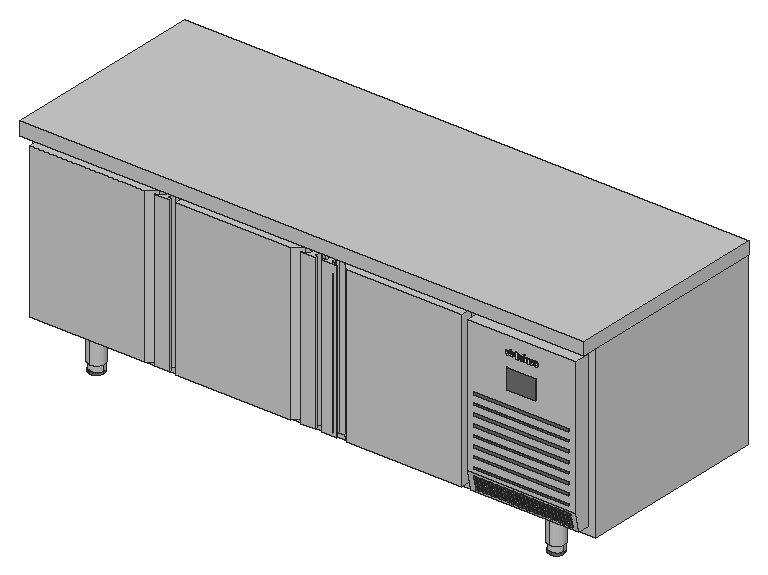
Revit family "QF_INFRICO_MR2190_250813022642", category Specialty Equipment, Revit 2021
Family settings
  Round Connector Dimension = Use Diameter
  Part Type = Normal
  OmniClass Number = 23.40.40.14
  OmniClass Title = Food Service Equipment
  Work Plane-Based = No
  Always vertical = Yes
  Cut with Voids When Loaded = No
  Shared = No
  Room Calculation Point = No
Parameters (values of type "MR2190-R290")
  Weight [instance] = 199.00 kg
  Waste Water Discharge Temperature [instance] = 0 °C
  Waste Remarks [instance] = ""
  Warranty Start Date [instance] = ""
  Warranty Duration [instance] = ""
  Volts [instance] = 230 V
  Volt Free Conn [instance] = no
  URL Recommended Spares List [instance] = ""
  URL Manufacturer [instance] = ""
  URL Cutsheet [instance] = ""
  URL Critical Spares List [instance] = ""
  URL = "www.infrico.com"
  Technical Documentation [instance] = ""
  Tag Number [instance] = ""
  Status [instance] = ""
  Start Up Current [instance] = 0 A
  Specification by User [instance] = ""
  Specification by Manufacturer [instance] = ""
  Sound Level [instance] = ""
  Show Logo [instance] = yes
  Show Clearances [instance] = yes
  Service Life Duration [instance] = ""
  Serial Number [instance] = ""
  Seismic Rating [instance] = ""
  SMACNA No [instance] = ""
  Revision Code [instance] = ""
  Revision [instance] = ""
  Production Year [instance] = ""
  Potential Equalisation [instance] = no
  Point Load [instance] = 0
  Plumbing Connection Type [instance] = ""
  Phase [instance] = 1
  Other Equipment Approvals [instance] = ""
  Operational Current [instance] = 0 A
  Number of Poles [instance] = 2
  No Load Power Draw [instance] = no
  NAFEM Spec ID Number [instance] = ""
  Model Warning [instance] = ""
  Model = "MR2190"
  Min Ckt Ampacity [instance] = 0 A
  Max Overcurrent Protection [instance] = 0 A
  Masterspec [instance] = ""
  Manufacturer = "INFRICO"
  Main switch integrated [instance] = no
  Length Actual [instance] = 2184.908 mm
  Item Number [instance] = ""
  Installed By [instance] = ""
  Installation Date [instance] = ""
  Indirect Waste Size [instance] = 19.05 mm
  Indirect Waste Remarks [instance] = ""
  Indirect Waste Flow [instance] = 0.0 L/s
  Indirect Waste Connection Type [instance] = ""
  Indirect Waste Connection Height [instance] = 0 mm
  Identify Quantity as Lot [instance] = no
  ID [instance] = ""
  Hygiene Approval [instance] = ""
  Height Actual [instance] = 849.884 mm
  HP power [instance] = ""
  Furnished By [instance] = ""
  Foodservice Equipment Identifier [instance] = no
  FL Amps [instance] = 0 A
  Electrical Remarks [instance] = ""
  Electric power [instance] = 370 W
  Electric Connection Type [instance] = ""
  Elec Conn RI Height [instance] = 0 mm
  Elec Conn Connection Height [instance] = 0 mm
  ETL Approved [instance] = no
  Direct Waste Water Discharge Temperature [instance] = -273.15 °C
  Direct Waste Size [instance] = 19.05 mm
  Direct Waste RI Height [instance] = 0 mm
  Direct Waste Flow [instance] = 0.0 L/s
  Direct Waste Connection Height [instance] = 0 mm
  Description = "EURONORM 600X400 PASTRY COUNTER REFRIGERATOR AND FREEZER 800 SERIES - R290"
  Depth Actual [instance] = 800.1 mm
  Default Elevation = 0 mm
  Cycle [instance] = 50 Hz
  Cost = 0
  Connection to energy optimisation system [instance] = yes
  Conn Plug [instance] = ""
  Conn Conduit [instance] = no
  Centralized building control system with digital interface [instance] = ""
  CSI MasterFormat [instance] = ""
  CE Approved [instance] = no
  Barcode [instance] = 0
  Author [instance] = ""
  Asset Identifier [instance] = ""
  Apparent Power [instance] = 370 VA
  Accessory [instance] = no
Reference planes
  plane 1 "Center (Front/Back)": y = 0
  plane 2: z = 0
  plane 3 "Center (Left/Right)": x = 0
Forms (mm)
  Extrusion 1, solid, not visible
    sketch origin (898.044, -113.006, 142.007) x (1, 0, 0) y (0, 1, 0)
      loop
        line (-2, 2) -> (-2, -2) -> (2, -2) -> (2, 2) -> (-2, 2)
    from -2 to 2
  Extrusion 2, solid, not visible
    sketch origin (2123.104, -60.003, 142.007) x (1, 0, 0) y (0, 1, 0)
      loop
        line (-2, 2) -> (-2, -2) -> (2, -2) -> (2, 2) -> (-2, 2)
    from -2 to 2
Dimensions and locks
  locked: nested 2 to Extrusion 1 at 2  (x2)
  locked: nested 3 to Extrusion 2 at 2  (x2)
  aligned and locked: level to plane 2
Nested families
  nested 1: "QF_INFRICO_MR2190_2920" at (0, 0, 140), type "MR2190-R290"
    with Weight 199.00 kg, Warranty Start Date "", Warranty Duration "", URL Cutsheet "", Technical Documentation "", Tag Number "", Status "", Specification by User "", Specification by Manufacturer "", Sound Level "", Solid Fuel Type "", Show Logo yes, Show Clearances yes, Show Clearance yes, Service Life Duration "", Serial Number "", Seismic Rating "", SMACNA No "", Revision Code "", Revision "", Production Year "", Point Load 0, Other Equipment Approvals "", NAFEM Spec ID Number "", Model Warning "", Masterspec "", Length Actual 2184.908 mm, Item Number "", Installed By "", Installation Date "", Identify Quantity as Lot yes, ID "", Hygiene Approval "", Height Actual 849.884 mm, Furnished By "", Foodservice Equipment Identifier yes, ETL Approved yes, Depth Actual 800.1 mm, CSI MasterFormat "", CE Approved no, Barcode "", Author "", Asset Identifier "", Accessory no
  nested 2: "CONN_POINT_DRAIN_2D___Generic_Annotation" at (898.044, -113.006, 140.007), type "CONN_POINT_DRAIN_2D___Generic_Annotation"
    with Onboard connection annotation symbol visibility yes
  nested 3: "CONN_POINT_ELE_2D___Generic_Annotation" at (2123.104, -60.003, 140.007), type "CONN_POINT_ELE_2D___Generic_Annotation"
    with Onboard connection annotation symbol visibility yes
  nested 4: "QF_INFRICO_MR_DOOR_SX_4847" at (22, -738, 168), type "MR_DOOR_SX"
    with Weight 0.00 kg, Warranty Start Date "", Warranty Duration "", URL Cutsheet "", Technical Documentation "", Tag Number "", Status "", Specification by User "", Specification by Manufacturer "", Sound Level "", Solid Fuel Type "", Show Logo yes, Show Clearances yes, Show Clearance yes, Service Life Duration "", Serial Number "", Seismic Rating "", SMACNA No "", Revision Code "", Revision "", Production Year "", Point Load 0, Other Equipment Approvals "", NAFEM Spec ID Number "", Model Warning "", Masterspec "", Length Actual 542.036 mm, Item Number "", Installed By "", Installation Date "", Identify Quantity as Lot yes, ID "", Hygiene Approval "", Height Actual 596.9 mm, Furnished By "", Foodservice Equipment Identifier yes, ETL Approved yes, Depth Actual 54.102 mm, CSI MasterFormat "", CE Approved no, Barcode "", Author "", Asset Identifier "", Accessory yes
  nested 5: "QF_INFRICO_MR_DOOR_SX_5628" at (589, -738, 168), type "MR_DOOR_SX"
    with Weight 0.00 kg, Warranty Start Date "", Warranty Duration "", URL Cutsheet "", Technical Documentation "", Tag Number "", Status "", Specification by User "", Specification by Manufacturer "", Sound Level "", Solid Fuel Type "", Show Logo yes, Show Clearances yes, Show Clearance yes, Service Life Duration "", Serial Number "", Seismic Rating "", SMACNA No "", Revision Code "", Revision "", Production Year "", Point Load 0, Other Equipment Approvals "", NAFEM Spec ID Number "", Model Warning "", Masterspec "", Length Actual 542.036 mm, Item Number "", Installed By "", Installation Date "", Identify Quantity as Lot yes, ID "", Hygiene Approval "", Height Actual 596.9 mm, Furnished By "", Foodservice Equipment Identifier yes, ETL Approved yes, Depth Actual 54.102 mm, CSI MasterFormat "", CE Approved no, Barcode "", Author "", Asset Identifier "", Accessory yes
  nested 6: "QF_INFRICO_MR_DOOR_DX_6405" at (1156, -738, 168), type "MR_DOOR_DX"
    with Weight 0.00 kg, Warranty Start Date "", Warranty Duration "", URL Cutsheet "", Technical Documentation "", Tag Number "", Status "", Specification by User "", Specification by Manufacturer "", Sound Level "", Solid Fuel Type "", Show Logo yes, Show Clearances yes, Show Clearance yes, Service Life Duration "", Serial Number "", Seismic Rating "", SMACNA No "", Revision Code "", Revision "", Production Year "", Point Load 0, Other Equipment Approvals "", NAFEM Spec ID Number "", Model Warning "", Masterspec "", Length Actual 542.036 mm, Item Number "", Installed By "", Installation Date "", Identify Quantity as Lot yes, ID "", Hygiene Approval "", Height Actual 596.9 mm, Furnished By "", Foodservice Equipment Identifier yes, ETL Approved yes, Depth Actual 54.102 mm, CSI MasterFormat "", CE Approved no, Barcode "", Author "", Asset Identifier "", Accessory yes
  nested 7: "QF_INFRICO_WORKTOP_7182" at (0, 0, 800), type "ENC12SPMR21"
    with Weight 0.00 kg, Warranty Start Date "", Warranty Duration "", URL Cutsheet "", Technical Documentation "", Tag Number "", Status "", Specification by User "", Specification by Manufacturer "", Sound Level "", Solid Fuel Type "", Show Logo yes, Show Clearances yes, Show Clearance yes, Service Life Duration "", Serial Number "", Seismic Rating "", SMACNA No "", Revision Code "", Revision "", Production Year "", Point Load 0, Other Equipment Approvals "", NAFEM Spec ID Number "", Model Warning "", Masterspec "", Length Actual 2184.908 mm, Item Number "", Installed By "", Installation Date "", Identify Quantity as Lot yes, ID "", Hygiene Approval "", Height Actual 50.038 mm, Furnished By "", Foodservice Equipment Identifier yes, ETL Approved yes, Depth Actual 800.1 mm, CSI MasterFormat "", CE Approved no, Barcode "", Author "", Asset Identifier "", Accessory yes
  nested 8: "QF_INFRICO_LEGS_8026" at (0, 0, 0), type "LEGS_2190_800"
    with Weight 0.00 kg, Warranty Start Date "", Warranty Duration "", URL Cutsheet "", Technical Documentation "", Tag Number "", Status "", Specification by User "", Specification by Manufacturer "", Sound Level "", Solid Fuel Type "", Show Logo yes, Show Clearances yes, Show Clearance yes, Service Life Duration "", Serial Number "", Seismic Rating "", SMACNA No "", Revision Code "", Revision "", Production Year "", Point Load 0, Other Equipment Approvals "", NAFEM Spec ID Number "", Model Warning "", Masterspec "", Length Actual 2184.908 mm, Item Number "", Installed By "", Installation Date "", Identify Quantity as Lot yes, ID "", Hygiene Approval "", Height Actual 139.954 mm, Furnished By "", Foodservice Equipment Identifier yes, ETL Approved yes, Depth Actual 800.1 mm, CSI MasterFormat "", CE Approved no, Barcode "", Author "", Asset Identifier "", Accessory yes
Connectors
  piping at (898.044, -113.006, 140.007), diameter 19.05, driven by "Indirect Waste Size", driven by "Direct Waste Flow"
    settings: on Extrusion 1, index 1, connector inside diameter 609.6 mm, connector length 0 mm, flow factor 0, pipe flow 0.0 L/s, pressure drop 0.0 Pa, fitting loss kfactor 0, connector angle 0.00°, fixture units 0, engagement length 0 mm, angle of deflection 0.00°, flow configuration 1, flow direction 2, fitting loss method 0, system type 16, joint type 0, gender type 0, connector reference index -1, connector utility 0, adjustable connector no, is connector primary yes, connector description "Waste connection for MR2190"
  electrical at (2123.104, -60.003, 140.007), driven by "Apparent Power", driven by "Number of Poles", driven by "Volts"
    settings: on Extrusion 2, index 2, voltage 230 V, apparent load 0 VA, apparent load phase1 370 VA, apparent load phase2 0 VA, apparent load phase3 0 VA, power factor 1, load classification "Other", number of poles 2, system type 31, power factor state 1, is connector primary yes, connector utility no, sub classification motor no, connector description "Electrical connection for MR2190"
Definition of nested family "QF_INFRICO_MR2190_2920"
  Parameters (values of type "MR2190BT")
    Weight [instance] = 0.00 kg
    Warranty Start Date [instance] = ""
    Warranty Duration [instance] = ""
    URL Cutsheet [instance] = ""
    URL = "www.infrico.com"
    Technical Documentation [instance] = ""
    Tag Number [instance] = ""
    Status [instance] = ""
    Specification by User [instance] = ""
    Specification by Manufacturer [instance] = ""
    Sound Level [instance] = ""
    Solid Fuel Type [instance] = ""
    Show Logo [instance] = yes
    Show Clearances [instance] = yes
    Show Clearance [instance] = yes
    Service Life Duration [instance] = ""
    Serial Number [instance] = ""
    Seismic Rating [instance] = ""
    SMACNA No [instance] = ""
    Revision Code [instance] = ""
    Revision [instance] = ""
    Production Year [instance] = ""
    Point Load [instance] = 0
    Other Equipment Approvals [instance] = ""
    NAFEM Spec ID Number [instance] = ""
    Model Warning [instance] = ""
    Model = "MR2190BT"
    Masterspec [instance] = ""
    Manufacturer = "INFRICO"
    Length Actual [instance] = 0 mm
    Item Number [instance] = ""
    Installed By [instance] = ""
    Installation Date [instance] = ""
    Identify Quantity as Lot [instance] = yes
    ID [instance] = ""
    Hygiene Approval [instance] = ""
    Height Actual [instance] = 0 mm
    Furnished By [instance] = ""
    Foodservice Equipment Identifier [instance] = yes
    ETL Approved [instance] = yes
    Description = "EURONORM 600X400 PASTRY COUNTER REFRIGERATOR AND FREEZER 800 SERIES - R134A"
    Depth Actual [instance] = 0 mm
    Default Elevation = 0 mm
    CSI MasterFormat [instance] = ""
    CE Approved [instance] = yes
    Barcode [instance] = ""
    Author [instance] = ""
    Asset Identifier [instance] = ""
    Assembly Code = "E1090320"
    Accessory [instance] = yes
  Types (4, lengths in mm): name | Model | Description
    MR2190 | "MR2190" | "EURONORM 600X400 PASTRY COUNTER REFRIGERATOR AND FREEZER 800 SERIES - R134A"
    MR2190BT | "MR2190BT" | "EURONORM 600X400 PASTRY COUNTER REFRIGERATOR AND FREEZER 800 SERIES - R134A"
    MR2190CR | "MR2190CR" | "GLASS DOOR EURONORM 600X400 PASTRY COUNTER REFRIGERATOR SERIES - R134A"
    MR2190-R290 | "MR2190" | "EURONORM 600X400 PASTRY COUNTER REFRIGERATOR AND FREEZER 800 SERIES - R290"
  Reference planes
    plane 1 "Back": y = 0
    plane 2: z = 0
    plane 3 "Left": x = 0
    plane 4 "Right": x = 2185
    plane 5 "Front": y = -800
    plane 6 "Top": z = 660
  Forms (mm)
    Extrusion 1, solid
      sketch origin (717, -100, -140) x (0, 1, 0) y (0, 0, 1)
        loop
          line (-638.02, 765.292) -> (-695.03, 765.292) -> (-695.03, 238.436) -> (-678.769, 168) -> (-638.02, 168) -> (-638.02, 765.292)
      from 1013.993 to 1433.993
    Extrusion 2, solid
      sketch origin (-1283, -793.13, -140) x (1, 0, 0) y (0, 0, 1)
        loop
          line (3408.016, 523.949) -> (3040.73, 523.949) -> (3040.73, 514.949) -> (3408.016, 514.949) -> (3408.016, 523.949)
        loop
          line (3408.016, 486.949) -> (3040.73, 486.949) -> (3040.73, 477.949) -> (3408.016, 477.949) -> (3408.016, 486.949)
        loop
          line (3408.016, 449.949) -> (3040.73, 449.949) -> (3040.73, 440.949) -> (3408.016, 440.949) -> (3408.016, 449.949)
        loop
          line (3408.016, 412.949) -> (3040.73, 412.949) -> (3040.73, 403.949) -> (3408.016, 403.949) -> (3408.016, 412.949)
        loop
          line (3408.016, 375.949) -> (3040.73, 375.949) -> (3040.73, 366.949) -> (3408.016, 366.949) -> (3408.016, 375.949)
        loop
          line (3408.016, 338.949) -> (3040.73, 338.949) -> (3040.73, 329.949) -> (3408.016, 329.949) -> (3408.016, 338.949)
        loop
          line (3408.016, 301.949) -> (3040.73, 301.949) -> (3040.73, 292.949) -> (3408.016, 292.949) -> (3408.016, 301.949)
        loop
          line (3408.016, 264.949) -> (3040.73, 264.949) -> (3040.73, 255.949) -> (3408.016, 255.949) -> (3408.016, 264.949)
      from 0 to 2
    Extrusion 3, solid
      sketch origin (-1283, -739.263, -134.673) x (1, 0, 0) y (0, -0.224951, 0.97437)
        loop
          line (3036.73, 215.974) -> (3036.73, 205.974) -> (3046.73, 205.974) -> (3046.73, 215.974) -> (3036.73, 215.974)
        loop
          line (3036.73, 230.769) -> (3036.73, 220.769) -> (3046.73, 220.769) -> (3046.73, 230.769) -> (3036.73, 230.769)
        loop
          line (3036.73, 186.385) -> (3036.73, 176.385) -> (3046.73, 176.385) -> (3046.73, 186.385) -> (3036.73, 186.385)
        loop
          line (3036.73, 201.179) -> (3036.73, 191.179) -> (3046.73, 191.179) -> (3046.73, 201.179) -> (3036.73, 201.179)
        loop
          line (3051.938, 215.974) -> (3051.938, 205.974) -> (3061.938, 205.974) -> (3061.938, 215.974) -> (3051.938, 215.974)
        loop
          line (3051.938, 230.769) -> (3051.938, 220.769) -> (3061.938, 220.769) -> (3061.938, 230.769) -> (3051.938, 230.769)
        loop
          line (3051.938, 186.385) -> (3051.938, 176.385) -> (3061.938, 176.385) -> (3061.938, 186.385) -> (3051.938, 186.385)
        loop
          line (3051.938, 201.179) -> (3051.938, 191.179) -> (3061.938, 191.179) -> (3061.938, 201.179) -> (3051.938, 201.179)
        loop
          line (3067.147, 215.974) -> (3067.147, 205.974) -> (3077.147, 205.974) -> (3077.147, 215.974) -> (3067.147, 215.974)
        loop
          line (3067.147, 230.769) -> (3067.147, 220.769) -> (3077.147, 220.769) -> (3077.147, 230.769) -> (3067.147, 230.769)
        loop
          line (3067.147, 186.385) -> (3067.147, 176.385) -> (3077.147, 176.385) -> (3077.147, 186.385) -> (3067.147, 186.385)
        loop
          line (3067.147, 201.179) -> (3067.147, 191.179) -> (3077.147, 191.179) -> (3077.147, 201.179) -> (3067.147, 201.179)
        loop
          line (3082.355, 215.974) -> (3082.355, 205.974) -> (3092.355, 205.974) -> (3092.355, 215.974) -> (3082.355, 215.974)
        loop
          line (3082.355, 230.769) -> (3082.355, 220.769) -> (3092.355, 220.769) -> (3092.355, 230.769) -> (3082.355, 230.769)
        loop
          line (3082.355, 186.385) -> (3082.355, 176.385) -> (3092.355, 176.385) -> (3092.355, 186.385) -> (3082.355, 186.385)
        loop
          line (3082.355, 201.179) -> (3082.355, 191.179) -> (3092.355, 191.179) -> (3092.355, 201.179) -> (3082.355, 201.179)
        loop
          line (3097.563, 215.974) -> (3097.563, 205.974) -> (3107.563, 205.974) -> (3107.563, 215.974) -> (3097.563, 215.974)
        loop
          line (3097.563, 230.769) -> (3097.563, 220.769) -> (3107.563, 220.769) -> (3107.563, 230.769) -> (3097.563, 230.769)
        loop
          line (3097.563, 186.385) -> (3097.563, 176.385) -> (3107.563, 176.385) -> (3107.563, 186.385) -> (3097.563, 186.385)
        loop
          line (3097.563, 201.179) -> (3097.563, 191.179) -> (3107.563, 191.179) -> (3107.563, 201.179) -> (3097.563, 201.179)
        loop
          line (3112.772, 215.974) -> (3112.772, 205.974) -> (3122.772, 205.974) -> (3122.772, 215.974) -> (3112.772, 215.974)
        loop
          line (3112.772, 230.769) -> (3112.772, 220.769) -> (3122.772, 220.769) -> (3122.772, 230.769) -> (3112.772, 230.769)
        loop
          line (3112.772, 186.385) -> (3112.772, 176.385) -> (3122.772, 176.385) -> (3122.772, 186.385) -> (3112.772, 186.385)
        loop
          line (3112.772, 201.179) -> (3112.772, 191.179) -> (3122.772, 191.179) -> (3122.772, 201.179) -> (3112.772, 201.179)
        loop
          line (3127.98, 215.974) -> (3127.98, 205.974) -> (3137.98, 205.974) -> (3137.98, 215.974) -> (3127.98, 215.974)
        loop
          line (3127.98, 230.769) -> (3127.98, 220.769) -> (3137.98, 220.769) -> (3137.98, 230.769) -> (3127.98, 230.769)
        loop
          line (3127.98, 186.385) -> (3127.98, 176.385) -> (3137.98, 176.385) -> (3137.98, 186.385) -> (3127.98, 186.385)
        loop
          line (3127.98, 201.179) -> (3127.98, 191.179) -> (3137.98, 191.179) -> (3137.98, 201.179) -> (3127.98, 201.179)
        loop
          line (3143.188, 215.974) -> (3143.188, 205.974) -> (3153.188, 205.974) -> (3153.188, 215.974) -> (3143.188, 215.974)
        loop
          line (3143.188, 230.769) -> (3143.188, 220.769) -> (3153.188, 220.769) -> (3153.188, 230.769) -> (3143.188, 230.769)
        loop
          line (3143.188, 186.385) -> (3143.188, 176.385) -> (3153.188, 176.385) -> (3153.188, 186.385) -> (3143.188, 186.385)
        loop
          line (3143.188, 201.179) -> (3143.188, 191.179) -> (3153.188, 191.179) -> (3153.188, 201.179) -> (3143.188, 201.179)
        loop
          line (3158.397, 215.974) -> (3158.397, 205.974) -> (3168.397, 205.974) -> (3168.397, 215.974) -> (3158.397, 215.974)
        loop
          line (3158.397, 230.769) -> (3158.397, 220.769) -> (3168.397, 220.769) -> (3168.397, 230.769) -> (3158.397, 230.769)
        loop
          line (3158.397, 186.385) -> (3158.397, 176.385) -> (3168.397, 176.385) -> (3168.397, 186.385) -> (3158.397, 186.385)
        loop
          line (3158.397, 201.179) -> (3158.397, 191.179) -> (3168.397, 191.179) -> (3168.397, 201.179) -> (3158.397, 201.179)
        loop
          line (3173.605, 215.974) -> (3173.605, 205.974) -> (3183.605, 205.974) -> (3183.605, 215.974) -> (3173.605, 215.974)
        loop
          line (3173.605, 230.769) -> (3173.605, 220.769) -> (3183.605, 220.769) -> (3183.605, 230.769) -> (3173.605, 230.769)
        loop
          line (3173.605, 186.385) -> (3173.605, 176.385) -> (3183.605, 176.385) -> (3183.605, 186.385) -> (3173.605, 186.385)
        loop
          line (3173.605, 201.179) -> (3173.605, 191.179) -> (3183.605, 191.179) -> (3183.605, 201.179) -> (3173.605, 201.179)
        loop
          line (3188.813, 215.974) -> (3188.813, 205.974) -> (3198.813, 205.974) -> (3198.813, 215.974) -> (3188.813, 215.974)
        loop
          line (3188.813, 230.769) -> (3188.813, 220.769) -> (3198.813, 220.769) -> (3198.813, 230.769) -> (3188.813, 230.769)
        loop
          line (3188.813, 186.385) -> (3188.813, 176.385) -> (3198.813, 176.385) -> (3198.813, 186.385) -> (3188.813, 186.385)
        loop
          line (3188.813, 201.179) -> (3188.813, 191.179) -> (3198.813, 191.179) -> (3198.813, 201.179) -> (3188.813, 201.179)
        loop
          line (3204.022, 215.974) -> (3204.022, 205.974) -> (3214.022, 205.974) -> (3214.022, 215.974) -> (3204.022, 215.974)
        loop
          line (3204.022, 230.769) -> (3204.022, 220.769) -> (3214.022, 220.769) -> (3214.022, 230.769) -> (3204.022, 230.769)
        loop
          line (3204.022, 186.385) -> (3204.022, 176.385) -> (3214.022, 176.385) -> (3214.022, 186.385) -> (3204.022, 186.385)
        loop
          line (3204.022, 201.179) -> (3204.022, 191.179) -> (3214.022, 191.179) -> (3214.022, 201.179) -> (3204.022, 201.179)
        loop
          line (3219.23, 215.974) -> (3219.23, 205.974) -> (3229.23, 205.974) -> (3229.23, 215.974) -> (3219.23, 215.974)
        loop
          line (3219.23, 230.769) -> (3219.23, 220.769) -> (3229.23, 220.769) -> (3229.23, 230.769) -> (3219.23, 230.769)
        loop
          line (3219.23, 186.385) -> (3219.23, 176.385) -> (3229.23, 176.385) -> (3229.23, 186.385) -> (3219.23, 186.385)
        loop
          line (3219.23, 201.179) -> (3219.23, 191.179) -> (3229.23, 191.179) -> (3229.23, 201.179) -> (3219.23, 201.179)
        loop
          line (3234.438, 215.974) -> (3234.438, 205.974) -> (3244.438, 205.974) -> (3244.438, 215.974) -> (3234.438, 215.974)
        loop
          line (3234.438, 230.769) -> (3234.438, 220.769) -> (3244.438, 220.769) -> (3244.438, 230.769) -> (3234.438, 230.769)
        loop
          line (3234.438, 186.385) -> (3234.438, 176.385) -> (3244.438, 176.385) -> (3244.438, 186.385) -> (3234.438, 186.385)
        loop
          line (3234.438, 201.179) -> (3234.438, 191.179) -> (3244.438, 191.179) -> (3244.438, 201.179) -> (3234.438, 201.179)
        loop
          line (3249.647, 215.974) -> (3249.647, 205.974) -> (3259.647, 205.974) -> (3259.647, 215.974) -> (3249.647, 215.974)
        loop
          line (3249.647, 230.769) -> (3249.647, 220.769) -> (3259.647, 220.769) -> (3259.647, 230.769) -> (3249.647, 230.769)
        loop
          line (3249.647, 186.385) -> (3249.647, 176.385) -> (3259.647, 176.385) -> (3259.647, 186.385) -> (3249.647, 186.385)
        loop
          line (3249.647, 201.179) -> (3249.647, 191.179) -> (3259.647, 191.179) -> (3259.647, 201.179) -> (3249.647, 201.179)
        loop
          line (3264.855, 215.974) -> (3264.855, 205.974) -> (3274.855, 205.974) -> (3274.855, 215.974) -> (3264.855, 215.974)
        loop
          line (3264.855, 230.769) -> (3264.855, 220.769) -> (3274.855, 220.769) -> (3274.855, 230.769) -> (3264.855, 230.769)
        loop
          line (3264.855, 186.385) -> (3264.855, 176.385) -> (3274.855, 176.385) -> (3274.855, 186.385) -> (3264.855, 186.385)
        loop
          line (3264.855, 201.179) -> (3264.855, 191.179) -> (3274.855, 191.179) -> (3274.855, 201.179) -> (3264.855, 201.179)
        loop
          line (3280.063, 215.974) -> (3280.063, 205.974) -> (3290.063, 205.974) -> (3290.063, 215.974) -> (3280.063, 215.974)
        loop
          line (3280.063, 230.769) -> (3280.063, 220.769) -> (3290.063, 220.769) -> (3290.063, 230.769) -> (3280.063, 230.769)
        loop
          line (3280.063, 186.385) -> (3280.063, 176.385) -> (3290.063, 176.385) -> (3290.063, 186.385) -> (3280.063, 186.385)
        loop
          line (3280.063, 201.179) -> (3280.063, 191.179) -> (3290.063, 191.179) -> (3290.063, 201.179) -> (3280.063, 201.179)
        loop
          line (3295.272, 215.974) -> (3295.272, 205.974) -> (3305.272, 205.974) -> (3305.272, 215.974) -> (3295.272, 215.974)
        loop
          line (3295.272, 230.769) -> (3295.272, 220.769) -> (3305.272, 220.769) -> (3305.272, 230.769) -> (3295.272, 230.769)
        loop
          line (3295.272, 186.385) -> (3295.272, 176.385) -> (3305.272, 176.385) -> (3305.272, 186.385) -> (3295.272, 186.385)
        loop
          line (3295.272, 201.179) -> (3295.272, 191.179) -> (3305.272, 191.179) -> (3305.272, 201.179) -> (3295.272, 201.179)
        loop
          line (3310.48, 215.974) -> (3310.48, 205.974) -> (3320.48, 205.974) -> (3320.48, 215.974) -> (3310.48, 215.974)
        loop
          line (3310.48, 230.769) -> (3310.48, 220.769) -> (3320.48, 220.769) -> (3320.48, 230.769) -> (3310.48, 230.769)
        loop
          line (3310.48, 186.385) -> (3310.48, 176.385) -> (3320.48, 176.385) -> (3320.48, 186.385) -> (3310.48, 186.385)
        loop
          line (3310.48, 201.179) -> (3310.48, 191.179) -> (3320.48, 191.179) -> (3320.48, 201.179) -> (3310.48, 201.179)
        loop
          line (3325.688, 215.974) -> (3325.688, 205.974) -> (3335.688, 205.974) -> (3335.688, 215.974) -> (3325.688, 215.974)
        loop
          line (3325.688, 230.769) -> (3325.688, 220.769) -> (3335.688, 220.769) -> (3335.688, 230.769) -> (3325.688, 230.769)
        loop
          line (3325.688, 186.385) -> (3325.688, 176.385) -> (3335.688, 176.385) -> (3335.688, 186.385) -> (3325.688, 186.385)
        loop
          line (3325.688, 201.179) -> (3325.688, 191.179) -> (3335.688, 191.179) -> (3335.688, 201.179) -> (3325.688, 201.179)
        loop
          line (3340.897, 215.974) -> (3340.897, 205.974) -> (3350.897, 205.974) -> (3350.897, 215.974) -> (3340.897, 215.974)
        loop
          line (3340.897, 230.769) -> (3340.897, 220.769) -> (3350.897, 220.769) -> (3350.897, 230.769) -> (3340.897, 230.769)
        loop
          line (3340.897, 186.385) -> (3340.897, 176.385) -> (3350.897, 176.385) -> (3350.897, 186.385) -> (3340.897, 186.385)
        loop
          line (3340.897, 201.179) -> (3340.897, 191.179) -> (3350.897, 191.179) -> (3350.897, 201.179) -> (3340.897, 201.179)
        loop
          line (3356.105, 215.974) -> (3356.105, 205.974) -> (3366.105, 205.974) -> (3366.105, 215.974) -> (3356.105, 215.974)
        loop
          line (3356.105, 230.769) -> (3356.105, 220.769) -> (3366.105, 220.769) -> (3366.105, 230.769) -> (3356.105, 230.769)
        loop
          line (3356.105, 186.385) -> (3356.105, 176.385) -> (3366.105, 176.385) -> (3366.105, 186.385) -> (3356.105, 186.385)
        loop
          line (3356.105, 201.179) -> (3356.105, 191.179) -> (3366.105, 191.179) -> (3366.105, 201.179) -> (3356.105, 201.179)
        loop
          line (3371.313, 215.974) -> (3371.313, 205.974) -> (3381.313, 205.974) -> (3381.313, 215.974) -> (3371.313, 215.974)
        loop
          line (3371.313, 230.769) -> (3371.313, 220.769) -> (3381.313, 220.769) -> (3381.313, 230.769) -> (3371.313, 230.769)
        loop
          line (3371.313, 186.385) -> (3371.313, 176.385) -> (3381.313, 176.385) -> (3381.313, 186.385) -> (3371.313, 186.385)
        loop
          line (3371.313, 201.179) -> (3371.313, 191.179) -> (3381.313, 191.179) -> (3381.313, 201.179) -> (3371.313, 201.179)
        loop
          line (3386.522, 215.974) -> (3386.522, 205.974) -> (3396.522, 205.974) -> (3396.522, 215.974) -> (3386.522, 215.974)
        loop
          line (3386.522, 230.769) -> (3386.522, 220.769) -> (3396.522, 220.769) -> (3396.522, 230.769) -> (3386.522, 230.769)
        loop
          line (3386.522, 186.385) -> (3386.522, 176.385) -> (3396.522, 176.385) -> (3396.522, 186.385) -> (3386.522, 186.385)
        loop
          line (3386.522, 201.179) -> (3386.522, 191.179) -> (3396.522, 191.179) -> (3396.522, 201.179) -> (3386.522, 201.179)
        loop
          line (3401.73, 215.974) -> (3401.73, 205.974) -> (3411.73, 205.974) -> (3411.73, 215.974) -> (3401.73, 215.974)
        loop
          line (3401.73, 230.769) -> (3401.73, 220.769) -> (3411.73, 220.769) -> (3411.73, 230.769) -> (3401.73, 230.769)
        loop
          line (3401.73, 186.385) -> (3401.73, 176.385) -> (3411.73, 176.385) -> (3411.73, 186.385) -> (3401.73, 186.385)
        loop
          line (3401.73, 201.179) -> (3401.73, 191.179) -> (3411.73, 191.179) -> (3411.73, 201.179) -> (3401.73, 201.179)
      from 0 to 2
    Extrusion 4, solid, visible <- "Show Logo"
      sketch origin (716.014, -793.13, -140) x (1, 0, 0) y (0, 0, 1)
        loop
          line (1208.799, 696.53) -> (1208.799, 719.204) -> (1204.173, 719.204) -> (1204.173, 696.53) -> (1208.799, 696.53)
        loop
          line (1214.779, 713.006) -> (1211.283, 713.006) -> (1211.283, 696.53) -> (1215.772, 696.53) -> (1215.772, 707.832)
          arc (1215.772, 707.832) -> (1217.528, 708.741) -> (1219.417, 709.324) r 11.052
          arc (1219.417, 709.324) -> (1220.929, 708.961) -> (1221.598, 707.557) r 1.806
          line (1221.598, 707.557) -> (1221.598, 696.53) -> (1226.121, 696.53) -> (1226.121, 708.689)
          arc (1226.121, 708.689) -> (1224.637, 712.075) -> (1221.141, 713.281) r 4.607
          arc (1221.141, 713.281) -> (1218.282, 712.674) -> (1215.669, 711.361) r 11.435
          line (1215.669, 711.361) -> (1215.601, 712.184)
          arc (1215.601, 712.184) -> (1215.36, 712.765) -> (1214.779, 713.006) r 0.822
        loop
          line (1238.557, 720.102) -> (1237.306, 720.102)
          arc (1237.306, 720.102) -> (1235.052, 719.926) -> (1232.881, 719.297) r 11.103
          arc (1232.881, 719.297) -> (1230.805, 717.616) -> (1230.024, 715.062) r 4.567
          line (1230.024, 715.062) -> (1230.024, 712.909) -> (1227.351, 712.703) -> (1227.351, 709.374) -> (1230.024, 709.374) -> (1230.024, 696.53) -> (1234.547, 696.53) -> (1234.547, 709.374) -> (1238.249, 709.374) -> (1238.249, 712.938) -> (1234.547, 712.938) -> (1234.547, 714.548)
          arc (1234.547, 714.548) -> (1234.956, 715.705) -> (1236.045, 716.271) r 1.67
          line (1236.045, 716.271) -> (1237.7, 716.399)
          arc (1237.7, 716.399) -> (1238.306, 716.65) -> (1238.557, 717.255) r 0.857
          line (1238.557, 717.255) -> (1238.557, 720.102)
        loop
          line (1239.479, 713.006) -> (1239.479, 696.53) -> (1243.968, 696.53) -> (1243.968, 707.352)
          arc (1243.968, 707.352) -> (1245.873, 708.631) -> (1248.077, 709.268) r 7.435
          line (1248.077, 709.268) -> (1249.241, 709.416)
          arc (1249.241, 709.416) -> (1249.643, 709.758) -> (1249.793, 710.265) r 0.928
          line (1249.793, 710.265) -> (1249.793, 712.458)
          arc (1249.793, 712.458) -> (1249.531, 713.061) -> (1248.912, 713.28) r 0.824
          arc (1248.912, 713.28) -> (1246.197, 712.588) -> (1243.899, 710.984) r 7.833
          line (1243.899, 710.984) -> (1243.726, 713.006) -> (1239.479, 713.006)
        loop
          line (1255.495, 696.53) -> (1255.495, 713.006) -> (1251.006, 713.006) -> (1251.006, 696.53) -> (1255.495, 696.53)
        loop
          arc (1257.421, 701.327) -> (1258.567, 698.188) -> (1261.466, 696.525) r 4.873
          arc (1261.466, 696.525) -> (1264.493, 696.266) -> (1267.521, 696.525) r 17.816
          arc (1267.521, 696.525) -> (1270.575, 699.134) -> (1271.505, 703.041) r 6.481
          line (1271.505, 703.041) -> (1267.187, 703.041) -> (1267.187, 701.67)
          arc (1267.187, 701.67) -> (1266.64, 700.452) -> (1265.442, 699.865) r 1.965
          arc (1265.442, 699.865) -> (1264.547, 699.816) -> (1263.653, 699.865) r 8.196
          arc (1263.653, 699.865) -> (1262.417, 700.415) -> (1261.91, 701.67) r 1.806
          line (1261.91, 701.67) -> (1261.91, 707.9)
          arc (1261.91, 707.9) -> (1262.417, 709.155) -> (1263.653, 709.705) r 1.806
          arc (1263.653, 709.705) -> (1264.547, 709.754) -> (1265.442, 709.705) r 8.196
          arc (1265.442, 709.705) -> (1266.64, 709.118) -> (1267.187, 707.9) r 1.965
          line (1267.187, 707.9) -> (1267.187, 706.838) -> (1271.505, 706.838)
          arc (1271.505, 706.838) -> (1270.524, 710.556) -> (1267.521, 712.959) r 6.132
          arc (1267.521, 712.959) -> (1264.493, 713.294) -> (1261.466, 712.959) r 13.851
          arc (1261.466, 712.959) -> (1258.571, 711.349) -> (1257.421, 708.243) r 4.772
          line (1257.421, 708.243) -> (1257.421, 701.327)
        loop
          arc (1272.916, 701.329) -> (1273.993, 698.345) -> (1276.726, 696.734) r 4.676
          arc (1276.726, 696.734) -> (1278.515, 696.455) -> (1280.318, 696.291) r 28.371
          arc (1280.318, 696.291) -> (1282.122, 696.455) -> (1283.911, 696.734) r 28.371
          arc (1283.911, 696.734) -> (1286.644, 698.345) -> (1287.72, 701.329) r 4.676
          line (1287.72, 701.329) -> (1287.72, 708.242)
          arc (1287.72, 708.242) -> (1286.644, 711.226) -> (1283.911, 712.837) r 4.676
          arc (1283.911, 712.837) -> (1282.122, 713.116) -> (1280.318, 713.28) r 28.371
          arc (1280.318, 713.28) -> (1278.515, 713.116) -> (1276.726, 712.837) r 28.371
          arc (1276.726, 712.837) -> (1273.993, 711.226) -> (1272.916, 708.242) r 4.676
          line (1272.916, 708.242) -> (1272.916, 701.329)
        loop
          line (1277.405, 707.866) -> (1277.405, 701.705)
          arc (1277.405, 701.705) -> (1277.844, 700.556) -> (1278.936, 699.991) r 1.725
          arc (1278.936, 699.991) -> (1279.627, 699.918) -> (1280.318, 699.856) r 46.133
          arc (1280.318, 699.856) -> (1281.01, 699.918) -> (1281.701, 699.991) r 46.133
          arc (1281.701, 699.991) -> (1282.793, 700.556) -> (1283.231, 701.705) r 1.725
          line (1283.231, 701.705) -> (1283.231, 707.866)
          arc (1283.231, 707.866) -> (1282.793, 709.015) -> (1281.701, 709.58) r 1.725
          arc (1281.701, 709.58) -> (1281.01, 709.653) -> (1280.318, 709.716) r 46.133
          arc (1280.318, 709.716) -> (1279.627, 709.653) -> (1278.936, 709.58) r 46.133
          arc (1278.936, 709.58) -> (1277.844, 709.015) -> (1277.405, 707.866) r 1.725
        loop
          arc (1190.339, 696.543) -> (1191.411, 696.987) -> (1191.856, 698.059) r 1.516
          line (1191.856, 698.059) -> (1191.856, 703.891) -> (1196.035, 703.891)
          arc (1196.035, 703.891) -> (1196.79, 704.121) -> (1197.218, 704.782) r 1.147
          line (1197.218, 704.782) -> (1197.218, 706.211)
          arc (1197.218, 706.211) -> (1196.787, 707.258) -> (1195.719, 707.634) r 1.385
          line (1195.719, 707.634) -> (1194.52, 707.634) -> (1197.218, 710.332)
          arc (1197.218, 710.332) -> (1197.605, 711.266) -> (1197.218, 712.2) r 1.321
          line (1197.218, 712.2) -> (1196.495, 712.923)
          arc (1196.495, 712.923) -> (1195.54, 713.338) -> (1194.558, 712.991) r 1.422
          line (1194.558, 712.991) -> (1191.853, 710.286) -> (1191.853, 711.479)
          arc (1191.853, 711.479) -> (1191.443, 712.516) -> (1190.435, 712.992) r 1.516
          line (1190.435, 712.992) -> (1189.514, 712.992)
          arc (1189.514, 712.992) -> (1188.511, 712.514) -> (1188.103, 711.479) r 1.516
          line (1188.103, 711.479) -> (1188.103, 706.83) -> (1182.073, 701.336) -> (1182.073, 707.509) -> (1185.639, 711.075)
          arc (1185.639, 711.075) -> (1186.053, 712.073) -> (1185.639, 713.071) r 1.412
          line (1185.639, 713.071) -> (1184.987, 713.723)
          arc (1184.987, 713.723) -> (1183.939, 714.141) -> (1182.915, 713.667) r 1.428
          line (1182.915, 713.667) -> (1182.073, 712.825) -> (1182.073, 717.784)
          arc (1182.073, 717.784) -> (1181.658, 718.787) -> (1180.655, 719.203) r 1.418
          line (1180.655, 719.203) -> (1179.726, 719.203)
          arc (1179.726, 719.203) -> (1178.723, 718.787) -> (1178.308, 717.784) r 1.418
          line (1178.308, 717.784) -> (1178.308, 712.825) -> (1177.466, 713.667)
          arc (1177.466, 713.667) -> (1176.442, 714.141) -> (1175.394, 713.723) r 1.428
          line (1175.394, 713.723) -> (1174.742, 713.071)
          arc (1174.742, 713.071) -> (1174.328, 712.073) -> (1174.742, 711.075) r 1.412
          line (1174.742, 711.075) -> (1178.308, 707.509) -> (1178.308, 701.336) -> (1172.278, 706.83) -> (1172.278, 711.479)
          arc (1172.278, 711.479) -> (1171.87, 712.514) -> (1170.867, 712.992) r 1.516
          line (1170.867, 712.992) -> (1169.946, 712.992)
          arc (1169.946, 712.992) -> (1168.938, 712.516) -> (1168.528, 711.479) r 1.516
          line (1168.528, 711.479) -> (1168.528, 710.286) -> (1165.823, 712.991)
          arc (1165.823, 712.991) -> (1164.841, 713.338) -> (1163.886, 712.923) r 1.422
          line (1163.886, 712.923) -> (1163.163, 712.2)
          arc (1163.163, 712.2) -> (1162.776, 711.266) -> (1163.163, 710.332) r 1.321
          line (1163.163, 710.332) -> (1165.861, 707.634) -> (1164.662, 707.634)
          arc (1164.662, 707.634) -> (1163.594, 707.258) -> (1163.163, 706.211) r 1.385
          line (1163.163, 706.211) -> (1163.163, 704.782)
          arc (1163.163, 704.782) -> (1163.591, 704.121) -> (1164.346, 703.891) r 1.147
          line (1164.346, 703.891) -> (1168.525, 703.891) -> (1168.525, 698.059)
          arc (1168.525, 698.059) -> (1168.969, 696.987) -> (1170.042, 696.543) r 1.516
          line (1170.042, 696.543) -> (1190.339, 696.543)
      from 0 to 2
    Extrusion 5, solid
      sketch origin (716.014, -100, -140) x (1, 0, 0) y (0, 0, 1)
        loop
          line (1169.616, 654.3) -> (1169.616, 577.9) -> (1281.216, 577.9) -> (1281.216, 654.3) -> (1169.616, 654.3)
      from 695.03 to 698.23
    Extrusion 6, solid
      sketch origin (1583.5, 58.5, 0) x (1, 0, 0) y (0, 1, 0)
        loop
          circle (539.5, -118.5) r 12.7
      from -5 to 0
    Extrusion 7, solid
      sketch origin (0, 0, 0) x (1, 0, 0) y (0, 1, 0)
        loop
          circle (898, -113) r 9.525
      from -5 to 0
    Extrusion 8, solid
      sketch origin (0, -100, 0) x (1, 0, 0) y (0, 1, 0)
        loop
          line (0, -638.02) -> (2185, -638.02) -> (2185, 100) -> (0, 100) -> (0, -638.02)
        loop
          line (60, 40) -> (60, -578.02) -> (2125, -578.02) -> (2125, 40) -> (60, 40)
      from 0 to 660
    Extrusion 9, solid
      sketch origin (0, -100, 0) x (1, 0, 0) y (0, 0, 1)
        loop
          line (60, 0) -> (2150.993, 0) -> (2150.993, 60) -> (60, 60) -> (60, 0)
      from -40 to 578.02
    Extrusion 10, void
      sketch origin (0, -100, 0) x (1, 0, 0) y (0, 0, 1)
        loop
          line (60, 600) -> (60, 60) -> (1662.993, 60) -> (1662.993, 600) -> (60, 600)
      from -40 to 638.02
    Extrusion 11, solid
      sketch origin (77, -100, 0) x (1, 0, 0) y (0, 1, 0)
        loop
          line (454, -638.02) -> (549, -638.02) -> (549, -628.02) -> (454, -628.02) -> (454, -638.02)
      from 60 to 600
    Extrusion 12, solid
      sketch origin (643, -100, 0) x (1, 0, 0) y (0, 1, 0)
        loop
          line (454, -638.02) -> (549, -638.02) -> (549, -628.02) -> (454, -628.02) -> (454, -638.02)
      from 60 to 600
  Cuts and joins
    Extrusion 10 cuts Extrusion 8
    Extrusion 10 cuts Extrusion 9
    joined: Extrusion 8, Extrusion 9
  Lines and regions (mm)
    symbolic lines, visible <- "Show Clearance"
      curve 1: line (2185, 0, 0) -> (0, 0, 0)
      curve 2: line (0, 0, 0) -> (0, -800, 0)
      curve 3: line (0, -800, 0) -> (2185, -800, 0)
      curve 4: line (2185, -800, 0) -> (2185, 0, 0)
  Dimensions and locks
    plane 4 "Right" to plane 3 "Left" = 2185 mm
    plane 6 "Top" to level = 660 mm
    plane 1 "Back" to plane 5 "Front" = 800 mm  (x2)
    plane 3 "Left" to plane 4 "Right" = 2185 mm
    aligned and locked: plane 2 to level
  Connectors
    electrical at (2123, -60, -5)
      settings: on Extrusion 6, index 1, voltage 0 V, apparent load 0 VA, apparent load phase1 0 VA, apparent load phase2 0 VA, apparent load phase3 0 VA, power factor 1, load classification none, number of poles 1, system type 31, power factor state 1, is connector primary yes, connector utility no, sub classification motor no, connector description "Electrical collection"
    piping at (898, -113, -5), diameter 19.1
      settings: on Extrusion 7, index 2, connector inside diameter 609.6 mm, connector length 0 mm, flow factor 0, pipe flow 0.0 L/s, pressure drop 0.0 Pa, fitting loss kfactor 0, connector angle 0.00°, fixture units 0, engagement length 0 mm, angle of deflection 0.00°, flow configuration 1, flow direction 2, fitting loss method 0, system type 16, joint type 0, gender type 0, connector reference index -1, connector utility 0, adjustable connector no, is connector primary yes, connector description "Drain connection"
Definition of nested family "QF_INFRICO_MR_DOOR_SX_4847"
  Parameters (values of type "MR_DOOR_SX")
    Weight [instance] = 0.00 kg
    Warranty Start Date [instance] = ""
    Warranty Duration [instance] = ""
    URL Cutsheet [instance] = ""
    URL = "www.infrico.com"
    Technical Documentation [instance] = ""
    Tag Number [instance] = ""
    Status [instance] = ""
    Specification by User [instance] = ""
    Specification by Manufacturer [instance] = ""
    Sound Level [instance] = ""
    Solid Fuel Type [instance] = ""
    Show Logo [instance] = yes
    Show Clearances [instance] = yes
    Show Clearance [instance] = yes
    Service Life Duration [instance] = ""
    Serial Number [instance] = ""
    Seismic Rating [instance] = ""
    SMACNA No [instance] = ""
    Revision Code [instance] = ""
    Revision [instance] = ""
    Production Year [instance] = ""
    Point Load [instance] = 0
    Other Equipment Approvals [instance] = ""
    NAFEM Spec ID Number [instance] = ""
    Model Warning [instance] = ""
    Model = "MR_DOOR_SX"
    Masterspec [instance] = ""
    Manufacturer = "INFRICO"
    Length Actual [instance] = 0 mm
    Item Number [instance] = ""
    Installed By [instance] = ""
    Installation Date [instance] = ""
    Identify Quantity as Lot [instance] = yes
    ID [instance] = ""
    Hygiene Approval [instance] = ""
    Height Actual [instance] = 0 mm
    Furnished By [instance] = ""
    Foodservice Equipment Identifier [instance] = yes
    ETL Approved [instance] = yes
    Description = "LEFT DOOR"
    Depth Actual [instance] = 0 mm
    Default Elevation = 0 mm
    CSI MasterFormat [instance] = ""
    CE Approved [instance] = yes
    Barcode [instance] = ""
    Author [instance] = ""
    Asset Identifier [instance] = ""
    Assembly Code = "E1090320"
    Accessory [instance] = yes
  Reference planes
    plane 1 "Back": y = 0
    plane 2: z = 0
    plane 3 "Left": x = 0
    plane 4 "Right": x = 542
    plane 5 "Front": y = -44
    plane 6 "Top": z = 597
  Forms (mm)
    Extrusion 1, solid
      sketch origin (3056.326, 654.02, -168.61) x (-1, 0, 0) y (0, -1, 0)
        loop
          line (2610.426, 698.02) -> (2580.356, 667.95) -> (2557.604, 667.95) -> (2546.663, 670.881)
          arc (2546.663, 670.881) -> (2545.582, 671.631) -> (2545.222, 672.896) r 1.95
          line (2545.222, 672.896) -> (2545.566, 682.741)
          arc (2545.566, 682.741) -> (2545.774, 683.563) -> (2546.304, 684.224) r 2.001
          line (2546.304, 684.224) -> (2571.566, 694.947) -> (2571.566, 698.02) -> (2514.326, 698.02) -> (2514.326, 690.261) -> (2526.525, 683.218) -> (2521.592, 664.81) -> (2514.326, 664.81) -> (2514.326, 654.02) -> (3056.326, 654.02) -> (3056.326, 698.02) -> (2610.426, 698.02)
      from 168.61 to 765.61
    Extrusion 2, solid, visible <- "Show Clearance", detail levels coarse
      sketch origin (75, 0, 0) x (1, 0, 0) y (0, 1, 0)
        loop
          line (-75, -44) -> (-75, -467) -> (-31, -467)
          arc (-31, -467) -> (295.701, -346.977) -> (467, -44) r 504.649
          line (467, -44) -> (-75, -44)
      from 0 to 597
  Lines and regions (mm)
    symbolic lines
      curve 1: line (0, -467, 0) -> (0, -62, 0)
      curve 2: line (0, -467, 0) -> (44, -467, 0)
      curve 3: arc (44, -467, 0) -> (363.674, -352.837, 0) -> (538.713, -62, 0) r 504.649
  Dimensions and locks
    plane 4 "Right" to plane 3 "Left" = 542 mm
    plane 6 "Top" to level = 597 mm  (x2)
    plane 1 "Back" to plane 5 "Front" = 44 mm  (x2)
    plane 3 "Left" to plane 4 "Right" = 542 mm
    aligned and locked: level to plane 2
Definition of nested family "QF_INFRICO_MR_DOOR_SX_5628"
  Parameters (values of type "MR_DOOR_SX")
    Weight [instance] = 0.00 kg
    Warranty Start Date [instance] = ""
    Warranty Duration [instance] = ""
    URL Cutsheet [instance] = ""
    URL = "www.infrico.com"
    Technical Documentation [instance] = ""
    Tag Number [instance] = ""
    Status [instance] = ""
    Specification by User [instance] = ""
    Specification by Manufacturer [instance] = ""
    Sound Level [instance] = ""
    Solid Fuel Type [instance] = ""
    Show Logo [instance] = yes
    Show Clearances [instance] = yes
    Show Clearance [instance] = yes
    Service Life Duration [instance] = ""
    Serial Number [instance] = ""
    Seismic Rating [instance] = ""
    SMACNA No [instance] = ""
    Revision Code [instance] = ""
    Revision [instance] = ""
    Production Year [instance] = ""
    Point Load [instance] = 0
    Other Equipment Approvals [instance] = ""
    NAFEM Spec ID Number [instance] = ""
    Model Warning [instance] = ""
    Model = "MR_DOOR_SX"
    Masterspec [instance] = ""
    Manufacturer = "INFRICO"
    Length Actual [instance] = 0 mm
    Item Number [instance] = ""
    Installed By [instance] = ""
    Installation Date [instance] = ""
    Identify Quantity as Lot [instance] = yes
    ID [instance] = ""
    Hygiene Approval [instance] = ""
    Height Actual [instance] = 0 mm
    Furnished By [instance] = ""
    Foodservice Equipment Identifier [instance] = yes
    ETL Approved [instance] = yes
    Description = "LEFT DOOR"
    Depth Actual [instance] = 0 mm
    Default Elevation = 0 mm
    CSI MasterFormat [instance] = ""
    CE Approved [instance] = yes
    Barcode [instance] = ""
    Author [instance] = ""
    Asset Identifier [instance] = ""
    Assembly Code = "E1090320"
    Accessory [instance] = yes
  Reference planes
    plane 1 "Back": y = 0
    plane 2: z = 0
    plane 3 "Left": x = 0
    plane 4 "Right": x = 542
    plane 5 "Front": y = -44
    plane 6 "Top": z = 597
  Forms (mm)
    Extrusion 1, solid
      sketch origin (3056.326, 654.02, -168.61) x (-1, 0, 0) y (0, -1, 0)
        loop
          line (2610.426, 698.02) -> (2580.356, 667.95) -> (2557.604, 667.95) -> (2546.663, 670.881)
          arc (2546.663, 670.881) -> (2545.582, 671.631) -> (2545.222, 672.896) r 1.95
          line (2545.222, 672.896) -> (2545.566, 682.741)
          arc (2545.566, 682.741) -> (2545.774, 683.563) -> (2546.304, 684.224) r 2.001
          line (2546.304, 684.224) -> (2571.566, 694.947) -> (2571.566, 698.02) -> (2514.326, 698.02) -> (2514.326, 690.261) -> (2526.525, 683.218) -> (2521.592, 664.81) -> (2514.326, 664.81) -> (2514.326, 654.02) -> (3056.326, 654.02) -> (3056.326, 698.02) -> (2610.426, 698.02)
      from 168.61 to 765.61
    Extrusion 2, solid, visible <- "Show Clearance", detail levels coarse
      sketch origin (75, 0, 0) x (1, 0, 0) y (0, 1, 0)
        loop
          line (-75, -44) -> (-75, -467) -> (-31, -467)
          arc (-31, -467) -> (295.701, -346.977) -> (467, -44) r 504.649
          line (467, -44) -> (-75, -44)
      from 0 to 597
  Lines and regions (mm)
    symbolic lines
      curve 1: line (0, -467, 0) -> (0, -62, 0)
      curve 2: line (0, -467, 0) -> (44, -467, 0)
      curve 3: arc (44, -467, 0) -> (363.674, -352.837, 0) -> (538.713, -62, 0) r 504.649
  Dimensions and locks
    plane 4 "Right" to plane 3 "Left" = 542 mm
    plane 6 "Top" to level = 597 mm  (x2)
    plane 1 "Back" to plane 5 "Front" = 44 mm  (x2)
    plane 3 "Left" to plane 4 "Right" = 542 mm
    aligned and locked: level to plane 2
Definition of nested family "QF_INFRICO_MR_DOOR_DX_6405"
  Parameters (values of type "MR_DOOR_DX")
    Weight [instance] = 0.00 kg
    Warranty Start Date [instance] = ""
    Warranty Duration [instance] = ""
    URL Cutsheet [instance] = ""
    URL = "www.infrico.com"
    Technical Documentation [instance] = ""
    Tag Number [instance] = ""
    Status [instance] = ""
    Specification by User [instance] = ""
    Specification by Manufacturer [instance] = ""
    Sound Level [instance] = ""
    Solid Fuel Type [instance] = ""
    Show Logo [instance] = yes
    Show Clearances [instance] = yes
    Show Clearance [instance] = yes
    Service Life Duration [instance] = ""
    Serial Number [instance] = ""
    Seismic Rating [instance] = ""
    SMACNA No [instance] = ""
    Revision Code [instance] = ""
    Revision [instance] = ""
    Production Year [instance] = ""
    Point Load [instance] = 0
    Other Equipment Approvals [instance] = ""
    NAFEM Spec ID Number [instance] = ""
    Model Warning [instance] = ""
    Model = "MR_DOOR_DX"
    Masterspec [instance] = ""
    Manufacturer = "INFRICO"
    Length Actual [instance] = 0 mm
    Item Number [instance] = ""
    Installed By [instance] = ""
    Installation Date [instance] = ""
    Identify Quantity as Lot [instance] = yes
    ID [instance] = ""
    Hygiene Approval [instance] = ""
    Height Actual [instance] = 0 mm
    Furnished By [instance] = ""
    Foodservice Equipment Identifier [instance] = yes
    ETL Approved [instance] = yes
    Description = "RIGHT DOOR"
    Depth Actual [instance] = 0 mm
    Default Elevation = 0 mm
    CSI MasterFormat [instance] = ""
    CE Approved [instance] = yes
    Barcode [instance] = ""
    Author [instance] = ""
    Asset Identifier [instance] = ""
    Assembly Code = "E1090320"
    Accessory [instance] = yes
  Reference planes
    plane 1 "Back": y = 0
    plane 2: z = 0
    plane 3 "Left": x = 0
    plane 4 "Right": x = 542
    plane 5 "Front": y = -44
    plane 6 "Top": z = 597
  Forms (mm)
    Extrusion 1, solid
      sketch origin (-2514.326, 654.02, -168.61) x (1, 0, 0) y (0, 1, 0)
        loop
          line (2610.426, -698.02) -> (3056.326, -698.02) -> (3056.326, -654.02) -> (2514.326, -654.02) -> (2514.326, -664.81) -> (2521.592, -664.81) -> (2526.525, -683.218) -> (2514.326, -690.261) -> (2514.326, -698.02) -> (2571.566, -698.02) -> (2571.566, -694.947) -> (2546.304, -684.224)
          arc (2546.304, -684.224) -> (2545.774, -683.563) -> (2545.566, -682.741) r 2.001
          line (2545.566, -682.741) -> (2545.222, -672.896)
          arc (2545.222, -672.896) -> (2545.582, -671.631) -> (2546.663, -670.881) r 1.95
          line (2546.663, -670.881) -> (2557.604, -667.95) -> (2580.356, -667.95) -> (2610.426, -698.02)
      from 168.61 to 765.61
    Extrusion 2, solid, visible <- "Show Clearance", detail levels coarse
      sketch origin (467, 0, 0) x (-1, 0, 0) y (0, -1, 0)
        loop
          line (-75, 44) -> (467, 44)
          arc (467, 44) -> (295.701, 346.977) -> (-31, 467) r 504.649
          line (-31, 467) -> (-75, 467) -> (-75, 44)
      from 0 to 597
  Lines and regions (mm)
    symbolic lines
      curve 1: line (542, -467, 0) -> (542, -62, 0)
      curve 2: arc (3.287, -62, 0) -> (178.326, -352.837, 0) -> (498, -467, 0) r 504.649
      curve 3: line (498, -467, 0) -> (542, -467, 0)
  Dimensions and locks
    plane 4 "Right" to plane 3 "Left" = 542 mm
    plane 6 "Top" to level = 597 mm  (x2)
    plane 1 "Back" to plane 5 "Front" = 44 mm  (x2)
    plane 3 "Left" to plane 4 "Right" = 542 mm
    aligned and locked: level to plane 2
Definition of nested family "QF_INFRICO_WORKTOP_7182"
  Parameters (values of type "WRKT20_30")
    Weight [instance] = 0.00 kg
    Warranty Start Date [instance] = ""
    Warranty Duration [instance] = ""
    URL Cutsheet [instance] = ""
    URL = "www.infrico.com"
    Technical Documentation [instance] = ""
    Tag Number [instance] = ""
    Status [instance] = ""
    Specification by User [instance] = ""
    Specification by Manufacturer [instance] = ""
    Sound Level [instance] = ""
    Solid Fuel Type [instance] = ""
    Show Logo [instance] = yes
    Show Clearances [instance] = yes
    Show Clearance [instance] = yes
    Service Life Duration [instance] = ""
    Serial Number [instance] = ""
    Seismic Rating [instance] = ""
    SMACNA No [instance] = ""
    Revision Code [instance] = ""
    Revision [instance] = ""
    Production Year [instance] = ""
    Point Load [instance] = 0
    Other Equipment Approvals [instance] = ""
    NAFEM Spec ID Number [instance] = ""
    Model Warning [instance] = ""
    Model = "WRKT20_30"
    Masterspec [instance] = ""
    Manufacturer = "INFRICO"
    Length Actual [instance] = 0 mm
    Length = 1960 mm
    Item Number [instance] = ""
    Installed By [instance] = ""
    Installation Date [instance] = ""
    Identify Quantity as Lot [instance] = yes
    ID [instance] = ""
    Hygiene Approval [instance] = ""
    Height Actual [instance] = 0 mm
    Furnished By [instance] = ""
    Foodservice Equipment Identifier [instance] = yes
    ETL Approved [instance] = yes
    Description = "WORKTOP WHITOUT BACKSPLASH 2000_300"
    Depth Actual [instance] = 0 mm
    Depth = 300 mm
    Default Elevation = 0 mm
    CSI MasterFormat [instance] = ""
    CE Approved [instance] = yes
    Barcode [instance] = ""
    Author [instance] = ""
    Asset Identifier [instance] = ""
    Assembly Code = "E1090320"
    Accessory [instance] = yes
  Types (38, lengths in mm): name | Model | Length | Description | Depth
    ENC12SPGN19 | "ENC12SPGN19" | 1960 | "WORKTOP WITHOUT BACKSPLASH" | 700
    ENC12SPGN14 | "ENC12SPGN14" | 1468 | "WORKTOP WITHOUT BACKSPLASH" | 700
    ENC12SPGN24 | "ENC12SPGN24" | 2452 | "WORKTOP WITHOUT BACKSPLASH" | 700
    ENC12SPGN14R | "ENC12SPGN14R" | 1160 | "WORKTOP WITHOUT BACKSPLASH" | 700
    ENC12SPGN19R | "ENC12SPGN19R" | 1652 | "WORKTOP WITHOUT BACKSPLASH" | 700
    ENC12SPGN24R | "ENC12SPGN24R" | 2144 | "WORKTOP WITHOUT BACKSPLASH" | 700
    ENC12SPBM20 | "ENC12SPBM20" | 1960 | "WORKTOP WITHOUT BACKSPLASH" | 600
    ENC12SPBM15 | "ENC12SPBM15" | 1468 | "WORKTOP WITHOUT BACKSPLASH" | 600
    ENC12SPBM25 | "ENC12SPBM25" | 2452 | "WORKTOP WITHOUT BACKSPLASH" | 600
    ENC12SPBM15R | "ENC12SPBM15R" | 1160 | "WORKTOP WITHOUT BACKSPLASH" | 600
    ENC12SPBM20R | "ENC12SPBM20R" | 1652 | "WORKTOP WITHOUT BACKSPLASH" | 600
    ENC12SPMR16 | "ENC12SPMR16" | 1618 | "WORKTOP WITHOUT BACKSPLASH" | 800
    ENC12SPMR21 | "ENC12SPMR21" | 2185 | "WORKTOP WITHOUT BACKSPLASH" | 800
    ENC12SPMR27 | "ENC12SPMR27" | 2752 | "WORKTOP WITHOUT BACKSPLASH" | 800
    ENC12SPMR16R | "ENC12SPMR16R" | 1310 | "WORKTOP WITHOUT BACKSPLASH" | 800
    ENC12SPMR21R | "ENC12SPMR21R" | 1877 | "WORKTOP WITHOUT BACKSPLASH" | 800
    ENC12SPMR27R | "ENC12SPMR27R" | 2444 | "WORKTOP WITHOUT BACKSPLASH" | 800
    ENC12SPBM25R | "ENC12SPBM25R" | 2144 | "WORKTOP WITHOUT BACKSPLASH" | 600
    ENC12SPMS20 | "ENC12SPMS20" | 2000 | "WORKTOP WITHOUT BACKSPLASH" | 700
    ENC12SPMS24 | "ENC12SPMS24" | 2400 | "WORKTOP WITHOUT BACKSPLASH" | 700
    ENC12SPMS10 | "ENC12SPMS10" | 1000 | "WORKTOP WITHOUT BACKSPLASH" | 700
    ENC12SPMS14 | "ENC12SPMS14" | 1400 | "WORKTOP WITHOUT BACKSPLASH" | 700
    ENC12SPMS16 | "ENC12SPMS16" | 1600 | "WORKTOP WITHOUT BACKSPLASH" | 700
    ENC12SPME10 | "ENC12SPME10" | 978 | "WORKTOP WITHOUT BACKSPLASH" | 700
    ENC12SPME14 | "ENC12SPME14" | 1460 | "WORKTOP WITHOUT BACKSPLASH" | 700
    WRKT10_30 | "WRKT10_30" | 1000 | "WORKTOP WHITOUT BACKSPLASH 1000_300" | 300
    WRKT10_60 | "WRKT10_60" | 1000 | "WORKTOP WHITOUT BACKSPLASH 1000_600" | 600
    WRKT15_30 | "WRKT15_30" | 1468 | "WORKTOP WHITOUT BACKSPLASH 1500_300" | 300
    WRKT15_60 | "WRKT15_60" | 1468 | "WORKTOP WHITOUT BACKSPLASH 1500_600" | 600
    WRKT20_30 | "WRKT20_30" | 1960 | "WORKTOP WHITOUT BACKSPLASH 2000_300" | 300
    WRKT20_60 | "WRKT20_60" | 1960 | "WORKTOP WHITOUT BACKSPLASH 2000_600" | 600
    WRKT25_30 | "WRKT25_30" | 2452 | "WORKTOP WHITOUT BACKSPLASH 2500_300" | 300
    WRKT25_60 | "WRKT25_60" | 2452 | "WORKTOP WHITOUT BACKSPLASH 2500_600" | 600
    WRKT15_60_MT | "WRKT15_60_MT" | 1500 | "WORKTOP WHITOUT BACKSPLASH 1500_600" | 600
    WRKT15_70_MT | "WRKT15_70_MT" | 1500 | "WORKTOP WHITOUT BACKSPLASH 1500_700" | 700
    WRKT20_70_MT | "WRKT20_70_MT" | 2000 | "WORKTOP WHITOUT BACKSPLASH 2000_700" | 700
    WRKT20_60_MT | "WRKT20_60_MT" | 2000 | "WORKTOP WHITOUT BACKSPLASH 2000_600" | 600
    WRKT10_70_MT | "WRKT10_70_MT" | 1000 | "WORKTOP WHITOUT BACKSPLASH 1000_700" | 700
  Reference planes
    plane 1 "Back": y = 0
    plane 2: z = 0
    plane 3 "Left": x = 0
    plane 4 "Right": x = 1960
    plane 5 "Front": y = -300
    plane 6 "Top": z = 50
  Forms (mm)
    Extrusion 1, solid
      sketch origin (0, 0, -800) x (0, 1, 0) y (0, 0, 1)
        loop
          line (0, 850) -> (-300, 850) -> (-300, 800) -> (0, 800) -> (0, 850)
      from 0 to 1960
  Lines and regions (mm)
    symbolic lines
      curve 1: line (1960, 0, 0) -> (0, 0, 0)
      curve 2: line (0, 0, 0) -> (0, -300, 0)
      curve 3: line (0, -300, 0) -> (1960, -300, 0)
      curve 4: line (1960, -300, 0) -> (1960, 0, 0)
  Dimensions and locks
    plane 4 "Right" to plane 3 "Left" = 1960 mm
    plane 6 "Top" to level = 50 mm
    plane 1 "Back" to plane 5 "Front" = 300 mm
    "Length": plane 3 "Left" to plane 4 "Right"
    "Depth": plane 1 "Back" to plane 5 "Front"
    aligned and locked: level to plane 2
    aligned and locked: Extrusion 1 to plane 4 "Right"
  Automatic sketch dimensions
    plane 1 "Back" to curve 1 = 0 mm
    curve 1 to plane 3 "Left" = 0 mm
    curve 3 to plane 4 "Right" = 0 mm
    curve 3 to plane 5 "Front" = 0 mm
    Extrusion 1 sketch curve to plane 5 "Front" = 0 mm
    Extrusion 1 sketch curve to level = 0 mm
    Extrusion 1 sketch curve to plane 1 "Back" = 0 mm
    Extrusion 1 sketch curve to plane 6 "Top" = 0 mm
Definition of nested family "QF_INFRICO_LEGS_8026"
  Parameters (values of type "LEGS_2190_740")
    Weight [instance] = 0.00 kg
    Warranty Start Date [instance] = ""
    Warranty Duration [instance] = ""
    URL Cutsheet [instance] = ""
    URL = "www.infrico.com"
    Technical Documentation [instance] = ""
    Tag Number [instance] = ""
    Status [instance] = ""
    Specification by User [instance] = ""
    Specification by Manufacturer [instance] = ""
    Sound Level [instance] = ""
    Solid Fuel Type [instance] = ""
    Show Logo [instance] = yes
    Show Clearances [instance] = yes
    Show Clearance [instance] = yes
    Service Life Duration [instance] = ""
    Serial Number [instance] = ""
    Seismic Rating [instance] = ""
    SMACNA No [instance] = ""
    Revision Code [instance] = ""
    Revision [instance] = ""
    Production Year [instance] = ""
    Point Load [instance] = 0
    Other Equipment Approvals [instance] = ""
    NAFEM Spec ID Number [instance] = ""
    Model Warning [instance] = ""
    Model = "LEGS_2190_740"
    Masterspec [instance] = ""
    Manufacturer = "INFRICO"
    Length Actual [instance] = 0 mm
    Length = 2185 mm
    Item Number [instance] = ""
    Installed By [instance] = ""
    Installation Date [instance] = ""
    Identify Quantity as Lot [instance] = yes
    ID [instance] = ""
    Hygiene Approval [instance] = ""
    Height Actual [instance] = 0 mm
    Height = 140 mm
    Furnished By [instance] = ""
    Foodservice Equipment Identifier [instance] = yes
    ETL Approved [instance] = yes
    Description = "LEGS"
    Depth Actual [instance] = 0 mm
    Depth = 738 mm
